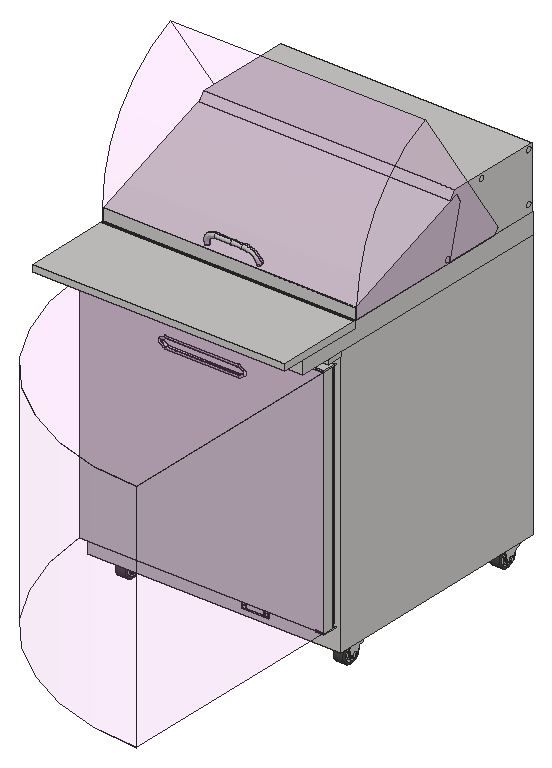
Revit family "QF_Kelvinator_738259_KCHMT29.12", category Specialty Equipment, Revit 2021
Family settings
  Round Connector Dimension = Use Diameter
  Part Type = Normal
  Work Plane-Based = No
  Always vertical = Yes
  Cut with Voids When Loaded = No
  Shared = No
  Room Calculation Point = No
Parameters
  Weight in Pounds = 163.142
  Weight = 74.00 lbm
  Watts = 0 W
  Volts = 115 V
  URL Manufacturer = "KELVINATOR"
  URL Cutsheet = ""
  URL = "KELVINATOR"
  Specification by User = ""
  Specification by Manufacturer = ""
  Show Right Door [instance] = not(Show Left Door)  # no
  Show Left Door [instance] = yes
  Show Clearance [instance] = yes
  Serial Number = ""
  Seismic Rating = ""
  SMACNA No = ""
  Revision Code = ""
  Refrigerant Type = "R290"
  Phase = 1
  Number of Poles = 1
  NAFEM Spec ID Number = ""
  Model = "KCHMT29.12"
  Min Ckt Ampacity = 0 A
  Max Overcurrent Protection = 0 A
  Masterspec = ""
  Manufacturer = "Kelvinator"
  Length Actual = 735"
  Length = 28.937"
  Item Number = "738259"
  Installed By = ""
  Identify Quantity as Lot = yes
  Height Actual = 1100"
  Height = 43.307"
  HP = "0.7 HP"
  Gas KW = 0
  Furnished By = ""
  Foodservice Equipment Identifier = yes
  FL Amps = 3 A
  Electrical Remarks = ""
  Electric Connection Type = ""
  Elec Conn RI Height = 0"
  Elec Conn Connection Height = 0"
  Description = "1-DOOR MEGA TOP PREP 29\" LONG 9-1/6, 3-1/9 PAN "
  Depth Actual = 900"
  Depth = 35.433"
  Default Elevation = 0"
  Cycle = 60 Hz
  Conn Plug = "5-15P"
  Conn Conduit = yes
  CSI MasterFormat = ""
  Apparent Power = 0 VA
  Accessory = no
Reference planes (in)
  plane 1 "BACK": y = 0
  plane 2: z = 0
  plane 3 "LEFT": x = 0
  plane 4 "RIGHT": x = 28.937
  plane 5 "FRONT": y = -35.433
  plane 6 "TOP": z = 43.307
  plane 7 "Center Y": x = 14.4685
  plane 8 "Center X": y = -17.7165
Dimensions and locks (in)
  equal spacing: plane 3 "LEFT", plane 7 "Center Y", plane 4 "RIGHT"
  "Length": plane 3 "LEFT" to plane 4 "RIGHT"
  equal spacing: plane 5 "FRONT", plane 8 "Center X", plane 1 "BACK"
  "Depth": plane 5 "FRONT" to plane 1 "BACK"
  "Height": plane 6 "TOP" to level
  aligned and locked: level to plane 2
Nested families (in)
  nested 1: "738259" at (0, 0, 0), Show Left Door <- "Show Left Door", Show Right Door <- "Show Right Door", type "738259"
    with Show Right Door no, Show Left Door yes, Show Clearance yes
Connectors (in)
  electrical at (14.46875, -0.87772, 2.31881), driven by "Volts", driven by "Watts"
    settings: on nested 1, index 1, voltage 115 V, apparent load 0 VA, apparent load phase1 0 VA, apparent load phase2 0 VA, apparent load phase3 0 VA, power factor 1, load classification "Power", number of poles 1, system type 30, power factor state 1, is connector primary yes, connector utility no, sub classification motor no, connector description "Electrical Connection"
Definition of nested family "738259"
  Parameters (values of type "738259")
    Weight in Pounds = 0
    URL Cutsheet = ""
    Specification by User = ""
    Specification by Manufacturer = ""
    Show Right Door [instance] = yes
    Show Left Door [instance] = yes
    Show Clearance [instance] = yes
    Serial Number = ""
    Seismic Rating = ""
    SMACNA No = ""
    Revision Code = ""
    NAFEM Spec ID Number = ""
    Masterspec = ""
    Length = 28.937"
    Item Number = ""
    Installed By = ""
    Identify Quantity as Lot = yes
    Height = 43.307"
    Furnished By = ""
    Foodservice Equipment Identifier = yes
    Depth = 35.433"
    Default Elevation = 0"
    CSI MasterFormat = ""
  Reference planes (in)
    plane 1 "BACK": y = 0
    plane 2: z = 0
    plane 3 "LEFT": x = 0
    plane 4 "RIGHT": x = 28.937
    plane 5 "FRONT": y = -35.433
    plane 6 "TOP": z = 43.307
    plane 7 "Center Y": x = 14.4685
    plane 8 "Center X": y = -17.7165
    plane 9: z = 3.1
    plane 10: z = 33.9
    plane 11: y = -25.5
    plane 12: z = 36.2
    plane 13: y = -56
    plane 14: y = -29.2
    plane 15: z = 32.4
    plane 16: z = 5.6
    plane 17: y = -27.5
    plane 18: x = 26.937
    plane 19: x = 2
    plane 20: y = -31.9
    plane 21: y = -57.1375
    plane 22: x = 29.062
    plane 23: x = -0.125
  Forms (in)
    Extrusion 1, solid
      sketch origin (0, 0, 0) x (0, 1, 0) y (0, 0, 1)
        loop
          line (-27.5, 33.9) -> (-27.5, 3.1) -> (0, 3.1) -> (0, 33.9) -> (-27.5, 33.9)
      from 0 to 28.9375
    Extrusion 2, solid
      sketch origin (0, 0, 0) x (0, 1, 0) y (0, 0, 1)
        loop
          line (-25.5, 36.2) -> (-25.5, 35.45) -> (-32.833, 35.45) -> (-32.833, 33.9) -> (0, 33.9) -> (0, 36.2) -> (-25.5, 36.2)
      from 0 to 28.9375
    Extrusion 3, solid
      sketch origin (0, 0, 0) x (0, 1, 0) y (0, 0, 1)
        loop
          line (-35.433, 36.2) -> (-35.433, 35.45) -> (-25.5, 35.45) -> (-25.5, 36.2) -> (-35.433, 36.2)
      from 0 to 28.9375
    Extrusion 4, solid
      sketch origin (0, 0, 0) x (0, 1, 0) y (0, 0, 1)
        loop
          line (-25.25, 36.2) -> (-12.40435, 36.2003)
          arc (-12.40435, 36.2003) -> (-12.06401, 36.30019) -> (-11.82007, 36.55768) r 0.68096
          line (-11.82007, 36.55768) -> (-10.4206, 41.90007) -> (-10.85311, 42.7135) -> (-25.25, 37.5169) -> (-25.25, 36.2)
      from 0 to 28.9375
    Extrusion 5, solid
      sketch origin (0, 0, 0) x (0, 1, 0) y (0, 0, 1)
        loop
          line (-12.40434, 36.2) -> (0, 36.2) -> (0, 43.307) -> (-10.99775, 43.307) -> (-11.6028, 42.4429) -> (-10.85311, 42.7135) -> (-10.4206, 41.90007) -> (-11.82007, 36.55768)
          arc (-11.82007, 36.55768) -> (-12.06401, 36.30019) -> (-12.40434, 36.2) r 0.68096
      from 0.07437 to 28.86109
    Extrusion 6, solid
      sketch origin (28.9375, 4.25225, 0) x (0, 1, 0) y (0, 0, 1)
        loop
          circle (-16.51178, 36.72547) r 0.25
      from 0 to 0.07437
    Extrusion 7, solid
      sketch origin (28.86109, -0.03482, 0) x (0, 1, 0) y (0, 0, 1)
        loop
          circle (-0.51178, 37.22547) r 0.25
      from 0 to 0.07437
    Extrusion 8, solid
      sketch origin (28.86109, -0.03482, 0) x (0, 1, 0) y (0, 0, 1)
        loop
          circle (-0.51178, 42.84497) r 0.25
      from 0 to 0.07641
    Extrusion 9, solid
      sketch origin (28.86109, -0.03482, 0) x (0, 1, 0) y (0, 0, 1)
        loop
          circle (-7.26178, 42.84497) r 0.25
      from 0 to 0.07641
    Extrusion 10, solid
      sketch origin (0, 0, 0) x (0, 1, 0) y (0, 0, -1)
        loop
          circle (-12.25953, -36.72547) r 0.25
      from 0 to 0.07437
    Extrusion 11, solid
      sketch origin (0.11123, -0.03482, 0) x (0, 1, 0) y (0, 0, -1)
        loop
          circle (-0.51178, -37.22547) r 0.25
      from 0 to 0.07437
    Extrusion 12, solid
      sketch origin (0.07437, -0.03482, 0) x (0, 1, 0) y (0, 0, -1)
        loop
          circle (-0.51178, -42.84497) r 0.25
      from 0 to 0.07437
    Extrusion 13, solid
      sketch origin (0.07437, -0.03482, 0) x (0, 1, 0) y (0, 0, -1)
        loop
          circle (-7.26178, -42.84497) r 0.25
      from 0 to 0.07437
    Sweep 14, solid
      path origin (0, 3.99087, 8.19085) x (1, 0, 0) y (0, -0.323051, 0.946381)
        loop
          line (12.156, 37.2) -> (12.156, 37.35625)
          arc (12.156, 37.35625) -> (12.37567, 37.88658) -> (12.906, 38.10625) r 0.75
          line (12.906, 38.10625) -> (14.781, 38.10625) -> (16.031, 38.10625)
          arc (16.031, 38.10625) -> (16.56133, 37.88658) -> (16.781, 37.35625) r 0.75
          line (16.781, 37.35625) -> (16.781, 37.2)
      profile origin (15.406, -8.3194, 44.2539) x (0, -0.323051, 0.946381) y (0, -0.946381, -0.323051)
        loop
          circle (0.69146, 17.59878) r 0.25
    Extrusion 15, solid
      sketch origin (0, 0, 0) x (0, 1, 0) y (0, 0, 1)
        loop
          line (-29.2, 33.9) -> (-29.2, 33.4) -> (-27.5, 33.4) -> (-27.5, 33.9) -> (-29.2, 33.9)
      from 0 to 28.9375
    Extrusion 16, solid
      sketch origin (14.4685, 6.90541, 48) x (0, 1, 0) y (0, 0, 1)
        loop
          line (-36.10541, -15.6) -> (-36.10541, -42.4) -> (-34.95211, -42.4) -> (-34.95211, -15.6) -> (-36.10541, -15.6)
      from 13.96875 to -13.96875
    Extrusion 17, solid
      sketch origin (0, 0, 0) x (0, 1, 0) y (0, 0, 1)
        loop
          line (-28.04671, 32.20449) -> (-28.04671, 5.81322) -> (-27.79671, 5.81322) -> (-27.79671, 32.20449) -> (-28.04671, 32.20449)
      from 0.74536 to 28.21347
    Extrusion 18, solid
      sketch origin (0, 0.25, 0) x (0, 1, 0) y (0, 0, 1)
        loop
          line (-28.04671, 32.20449) -> (-28.04671, 5.81322) -> (-27.864, 5.81322) -> (-27.864, 32.20449) -> (-28.04671, 32.20449)
      from 0.74536 to 28.21347
    Extrusion 19, solid
      sketch origin (0, 0.4327, 0) x (0, 1, 0) y (0, 0, 1)
        loop
          line (-28.04671, 32.20449) -> (-28.04671, 5.81322) -> (-27.9327, 5.81322) -> (-27.9327, 32.20449) -> (-28.04671, 32.20449)
      from 0.74536 to 28.21347
    Extrusion 20, solid
      sketch origin (-5.72957, -27.5, -4.77927) x (-1, 0, 0) y (0, 0, 1)
        loop
          line (-23.36233, 9.70772) -> (-26.51193, 9.70772) -> (-26.51193, 8.52662) -> (-23.36233, 8.52662) -> (-23.36233, 9.70772)
        loop
          line (-23.44107, 9.63107) -> (-23.83477, 9.63107) -> (-23.83477, 9.31193) -> (-23.44107, 9.31193) -> (-23.44107, 9.63107)
        loop
          line (-23.44107, 9.27674) -> (-23.83477, 9.27674) -> (-23.83477, 8.9576) -> (-23.44107, 8.9576) -> (-23.44107, 9.27674)
        loop
          line (-23.44107, 8.92241) -> (-23.83477, 8.92241) -> (-23.83477, 8.60327) -> (-23.44107, 8.60327) -> (-23.44107, 8.92241)
        loop
          line (-26.43319, 9.63107) -> (-26.43319, 9.31193) -> (-26.03949, 9.31193) -> (-26.03949, 9.63107) -> (-26.43319, 9.63107)
        loop
          line (-26.43319, 9.27674) -> (-26.43319, 8.9576) -> (-26.03949, 8.9576) -> (-26.03949, 9.27674) -> (-26.43319, 9.27674)
        loop
          line (-26.43319, 8.92241) -> (-26.43319, 8.60327) -> (-26.03949, 8.60327) -> (-26.03949, 8.92241) -> (-26.43319, 8.92241)
        loop
          line (-23.91225, 9.63107) -> (-25.96201, 9.63107) -> (-25.96201, 8.60716) -> (-23.91225, 8.60716) -> (-23.91225, 9.63107)
      from 0.07874 to -0.04602
    Extrusion 21, solid
      sketch origin (-5.72957, -27.54602, -4.77927) x (1, 0, 0) y (0, 0, 1)
        loop
          line (26.03949, 9.63107) -> (26.03949, 9.31193) -> (26.43319, 9.31193) -> (26.43319, 9.63107) -> (26.03949, 9.63107)
        loop
          line (26.03949, 9.27674) -> (26.03949, 8.9576) -> (26.43319, 8.9576) -> (26.43319, 9.27674) -> (26.03949, 9.27674)
        loop
          line (26.03949, 8.92241) -> (26.03949, 8.60327) -> (26.43319, 8.60327) -> (26.43319, 8.92241) -> (26.03949, 8.92241)
        loop
          line (23.83477, 9.63107) -> (23.44107, 9.63107) -> (23.44107, 9.31193) -> (23.83477, 9.31193) -> (23.83477, 9.63107)
        loop
          line (23.83477, 9.27674) -> (23.44107, 9.27674) -> (23.44107, 8.9576) -> (23.83477, 8.9576) -> (23.83477, 9.27674)
        loop
          line (23.83477, 8.92241) -> (23.44107, 8.92241) -> (23.44107, 8.60327) -> (23.83477, 8.60327) -> (23.83477, 8.92241)
      from 0 to -0.07874
    Extrusion 22, solid
      sketch origin (-5.72957, -27.54602, -4.77927) x (1, 0, 0) y (0, 0, 1)
        loop
          line (23.91225, 9.63107) -> (23.91225, 8.60716) -> (25.96201, 8.60716) -> (25.96201, 9.63107) -> (23.91225, 9.63107)
      from 0 to -0.07874
    Extrusion 23, void
      sketch origin (-5.72957, -27.5, -4.77927) x (-1, 0, 0) y (0, 0, 1)
        loop
          line (-23.36233, 9.70772) -> (-26.51193, 9.70772) -> (-26.51193, 8.52662) -> (-23.36233, 8.52662) -> (-23.36233, 9.70772)
      from 0 to 0.07874
    Extrusion 24, void
      sketch origin (-15.80943, -29.19996, 31.5181) x (0, 0, 1) y (1, 0, 0)
        loop
          line (-1.94791, 26.10268) -> (-1.94791, 34.45268) -> (-2.28604, 34.99368)
          arc (-2.28604, 34.99368) -> (-2.38541, 35.04876) -> (-2.48479, 34.99368) r 0.11719
          line (-2.48479, 34.99368) -> (-2.82291, 34.45268) -> (-2.82291, 26.10268) -> (-2.48621, 25.56396)
          arc (-2.48621, 25.56396) -> (-2.38541, 25.50809) -> (-2.28462, 25.56396) r 0.11887
          line (-2.28462, 25.56396) -> (-1.94791, 26.10268)
      from 0 to 0.31887
    Sweep 25, solid
      path origin (-15.80943, -26.39996, 31.5181) x (0, 0, -1) y (1, 0, 0)
        loop
          line (2.82291, 34.45268) -> (2.48479, 34.99368)
          arc (2.48479, 34.99368) -> (2.38541, 35.04876) -> (2.28604, 34.99368) r 0.11719
          line (2.28604, 34.99368) -> (1.94791, 34.45268) -> (1.94791, 26.10268) -> (2.28462, 25.56396)
          arc (2.28462, 25.56396) -> (2.38541, 25.50809) -> (2.48621, 25.56396) r 0.11887
          line (2.48621, 25.56396) -> (2.82291, 26.10268) -> (2.82291, 34.45268)
      profile origin (14.46825, -26.39996, 28.69519) x (0, 0, -1) y (0, -1, 0)
        loop
          line (0, 2.8) -> (0.25, 2.8)
          arc (0.25, 2.8) -> (0.125, 2.85269) -> (0, 2.8) r 0.17461
    Extrusion 26, solid
      sketch origin (0, -3.56521, 3.1) x (-1, 0, 0) y (0, 1, 0)
        loop
          circle (-14.46875, 2.68749) r 0.25
      from 0 to 0.78119
    Extrusion 27, solid, visible <- "Show Clearance"
      sketch origin (0, 0, 0) x (0, 1, 0) y (0, 0, 1)
        loop
          line (-5.67198, 36.2) -> (-4.99821, 36.8283) -> (-15.50044, 52.48123)
          arc (-15.50044, 52.48123) -> (-22.59758, 46.44697) -> (-25.25, 37.5169) r 16.35895
          line (-25.25, 37.5169) -> (-25.25, 36.2) -> (-5.67198, 36.2)
      from -0.125 to 29.062
    Extrusion 28, solid, visible <- "Show Left Door"
      sketch origin (14.46875, -27.55033, 5.6) x (-1, 0, 0) y (0, 1, 0)
        loop
          arc (-13.96825, -28.45363) -> (5.39616, -20.67565) -> (13.96875, -1.64967) r 27.937
          line (13.96875, -1.64967) -> (-13.96825, -1.64967) -> (-13.96825, -28.45363)
      from 0 to -26.8
    Extrusion 29, solid, visible <- "Show Right Door"
      sketch origin (14.46875, -27.55033, 5.6) x (-1, 0, 0) y (0, 1, 0)
        loop
          line (13.96875, -28.45363) -> (13.96875, -1.64967) -> (-13.96825, -1.64967)
          arc (-13.96825, -1.64967) -> (-5.39566, -20.67565) -> (13.96875, -28.45363) r 27.937
      from 0 to -26.8
    Extrusion 30, solid, visible <- "Show Left Door"
      sketch origin (14.46875, -28.28783, 5.6) x (-1, 0, 0) y (0, 1, 0)
        loop
          line (-13.96825, -0.91217) -> (-12.96825, -0.91217) -> (-12.21825, 0.78783) -> (-13.96825, 0.78783) -> (-13.96825, -0.91217)
      from 0 to 0.13
    Extrusion 31, solid, visible <- "Show Left Door"
      sketch origin (14.46875, -29.2, 32.4) x (0, 1, 0) y (-1, 0, 0)
        loop
          line (0, -13.96825) -> (1.7, -13.96825) -> (1.7, -12.21825) -> (0, -12.96825) -> (0, -13.96825)
      from 0 to 0.13
    Extrusion 32, solid, visible <- "Show Right Door"
      sketch origin (14.46875, -28.28783, 5.6) x (-1, 0, 0) y (0, 1, 0)
        loop
          line (13.96875, -0.91217) -> (13.96875, 0.78783) -> (12.21875, 0.78783) -> (12.96875, -0.91217) -> (13.96875, -0.91217)
      from 0 to 0.13
    Extrusion 33, solid, visible <- "Show Right Door"
      sketch origin (14.46875, -29.2, 32.4) x (0, 1, 0) y (-1, 0, 0)
        loop
          line (0, 13.96875) -> (0, 12.96875) -> (1.7, 12.21875) -> (1.7, 13.96875) -> (0, 13.96875)
      from 0 to 0.13
  Cuts and joins
    Extrusion 23 cuts Extrusion 20
    Extrusion 24 cuts Extrusion 16
  Lines and regions (in)
    symbolic lines
      curve 1: line (28.937, -35.433, 0) -> (28.937, 0, 0)
      curve 2: line (28.937, 0, 0) -> (0, 0, 0)
      curve 3: line (0, 0, 0) -> (0, -35.433, 0)
      curve 4: line (0, -25.5, 0) -> (11.94915, -25.5, 0)
      curve 5: line (0, -35.433, 0) -> (28.937, -35.433, 0)
      curve 6: line (0, -25.25, 0) -> (11.6887, -25.25, 0)
      curve 7: line (0.07437, -11.58944, 0) -> (28.86059, -11.58944, 0)
      curve 8: line (0.07437, -10.99775, 0) -> (28.86059, -10.99775, 0)
      curve 9: line (28.86059, -11.58944, 0) -> (28.86059, 0, 0)
      curve 10: line (0.07437, -11.58944, 0) -> (0.07437, 0, 0)
      curve 11: line (-0.07437, -12.50953, 0) -> (-0.07437, -12.00953, 0)
      curve 12: line (-0.07437, -12.00953, 0) -> (0, -12.00953, 0)
      curve 13: line (-0.07437, -12.50953, 0) -> (0, -12.50953, 0)
      curve 14: line (0, -10.4206, 0) -> (0.07437, -10.4206, 0)
      curve 15: line (0, -10.85311, 0) -> (0.07437, -10.85311, 0)
      curve 16: line (0, -8.01304, 0) -> (0.07437, -8.01304, 0)
      curve 17: line (0, -7.5129, 0) -> (0.07437, -7.5129, 0)
      curve 18: line (0, -0.29529, 0) -> (0.07437, -0.29529, 0)
      curve 19: line (0, -0.79529, 0) -> (0.07437, -0.79529, 0)
      curve 20: line (29.01137, -12.50953, 0) -> (29.01137, -12.00953, 0)
      curve 21: line (29.01137, -12.00953, 0) -> (28.937, -12.00953, 0)
      curve 22: line (29.01137, -12.50953, 0) -> (28.937, -12.50953, 0)
      curve 23: line (28.937, -10.4206, 0) -> (28.86059, -10.4206, 0)
      curve 24: line (28.937, -10.85311, 0) -> (28.86059, -10.85311, 0)
      curve 25: line (28.937, -7.97828, 0) -> (28.86059, -7.97828, 0)
      curve 26: line (28.937, -7.47828, 0) -> (28.86059, -7.47828, 0)
      curve 27: line (28.937, -0.76178, 0) -> (28.86059, -0.76178, 0)
      curve 28: line (28.937, -0.26178, 0) -> (28.86059, -0.26178, 0)
      curve 29: spline (11.21454, -24.65351, 0) -> (11.22306, -24.59638, 0) -> (11.24803, -24.54314, 0) -> (11.28776, -24.49742, 0) -> (11.33954, -24.46234, 0) -> (11.39984, -24.44029, 0) -> (11.46454, -24.43277, 0) -> (11.52925, -24.44029, 0) -> (11.58954, -24.46234, 0) -> (11.64132, -24.49742, 0) -> (11.68105, -24.54314, 0) -> (11.70602, -24.59638, 0) -> (11.71454, -24.65351, 0)
      curve 30: spline (17.22246, -24.65351, 0) -> (17.23098, -24.59638, 0) -> (17.25595, -24.54314, 0) -> (17.29568, -24.49742, 0) -> (17.34746, -24.46234, 0) -> (17.40775, -24.44029, 0) -> (17.47246, -24.43277, 0) -> (17.53716, -24.44029, 0) -> (17.59746, -24.46234, 0) -> (17.64924, -24.49742, 0) -> (17.68897, -24.54314, 0) -> (17.71394, -24.59638, 0) -> (17.72246, -24.65351, 0)
      curve 31: line (14.4685, -24.94775, 0) -> (16.20646, -24.94775, 0)
      curve 32: line (14.4685, -25.44761, 0) -> (16.19122, -25.44761, 0)
      curve 33: line (17.72246, -24.65351, 0) -> (17.72246, -24.76273, 0)
      curve 34: line (17.22246, -24.65351, 0) -> (17.22246, -24.70254, 0)
      curve 35: line (14.4685, -24.94775, 0) -> (12.83564, -24.94775, 0)
      curve 36: line (14.4685, -25.44761, 0) -> (12.74578, -25.44761, 0)
      curve 37: line (11.21454, -24.65351, 0) -> (11.21454, -24.76273, 0)
      curve 38: line (11.71454, -24.65351, 0) -> (11.71454, -24.70254, 0)
      curve 39: line (17.2483, -25.25, 0) -> (28.937, -25.25, 0)
      curve 40: line (11.94915, -25.5, 0) -> (28.937, -25.5, 0)
      curve 41: arc (17.22246, -24.70254, 0) -> (16.72905, -24.88558, 0) -> (16.20646, -24.94775, 0) r 2.22739
      curve 42: arc (11.71454, -24.70254, 0) -> (12.24241, -24.89361, 0) -> (12.80129, -24.94663, 0) r 2.22739
      curve 43: arc (12.83564, -24.94775, 0) -> (12.81847, -24.94693, 0) -> (12.80129, -24.94663, 0) r 0.57427
      curve 44: arc (17.72246, -24.76273, 0) -> (17.63163, -24.99217, 0) -> (17.44709, -25.156, 0) r 0.53229
      curve 45: arc (17.44709, -25.156, 0) -> (17.12632, -25.29612, 0) -> (16.78727, -25.38319, 0) r 2.1837
      curve 46: arc (16.78727, -25.38319, 0) -> (16.49027, -25.42486, 0) -> (16.19122, -25.44761, 0) r 4.72583
      curve 47: arc (11.21454, -24.76273, 0) -> (11.30537, -24.99217, 0) -> (11.48991, -25.156, 0) r 0.53229
      curve 48: arc (11.48991, -25.156, 0) -> (11.81068, -25.29612, 0) -> (12.14973, -25.38319, 0) r 2.1837
      curve 49: arc (12.14973, -25.38319, 0) -> (12.44673, -25.42486, 0) -> (12.74578, -25.44761, 0) r 4.72583
    symbolic lines, visible <- "Show Left Door"
      curve 50: arc (5.07692, -44.35773, 0) -> (2.61122, -40.07632, 0) -> (0.9231, -35.433, 0) r 28.46065
      curve 51: line (22.607, -35.433, 0) -> (5.07692, -44.35773, 0)
    symbolic lines, visible <- "Show Right Door"
      curve 52: arc (23.86008, -44.35773, 0) -> (26.32578, -40.07632, 0) -> (28.0139, -35.433, 0) r 28.46065
      curve 53: line (6.33, -35.433, 0) -> (23.86008, -44.35773, 0)
  Dimensions and locks (in)
    equal spacing: plane 3 "LEFT", plane 7 "Center Y", plane 4 "RIGHT"
    "Length": plane 3 "LEFT" to plane 4 "RIGHT"
    equal spacing: plane 5 "FRONT", plane 8 "Center X", plane 1 "BACK"
    "Depth": plane 5 "FRONT" to plane 1 "BACK"
    "Height": plane 6 "TOP" to level
    level to plane 9 = 3.1"
    plane 10 to plane 9 = 30.8"
    plane 6 "TOP" to plane 10 = 9.407"
    plane 5 "FRONT" to plane 1 "BACK" = 35.433"
    plane 11 to plane 1 "BACK" = 25 1/2"
    plane 10 to plane 12 = 2.3"
    plane 13 to plane 1 "BACK" = 56"
    plane 16 to plane 15 = 26.8"
    locked: plane 4 "RIGHT" to plane 18 at 2
    locked: plane 3 "LEFT" to plane 19 at 2
    plane 20 to plane 1 "BACK" = 31.9"
    aligned and locked: level to plane 2
    aligned and locked: plane 18 to nested 1
    aligned and locked: nested 2 to plane 19
  Automatic sketch dimensions
    plane 9 to Extrusion 1 sketch curve = 0"
    Extrusion 1 sketch curve to plane 17 = 0"
    Extrusion 1 sketch curve to plane 1 "BACK" = 0"
    Extrusion 1 sketch curve to plane 10 = 0"
    Extrusion 2 sketch curve to plane 5 "FRONT" = 2.6"
    Extrusion 2 sketch curve to plane 11 = 0"
    Extrusion 2 sketch curve to plane 1 "BACK" = 0"
    Extrusion 2 sketch curve to plane 10 = 0"
    plane 12 to Extrusion 2 sketch curve = 0"
    plane 12 to Extrusion 2 sketch curve = 3/4"
    Extrusion 3 sketch curve to plane 5 "FRONT" = 0"
    Extrusion 3 sketch curve to plane 11 = 0"
    plane 12 to Extrusion 3 sketch curve = 0"
    plane 12 to Extrusion 3 sketch curve = 3/4"
    Extrusion 6 sketch curve to Extrusion 4 = 0.52547"
    Extrusion 6 sketch curve to Extrusion 4 = 12.99047"
    Extrusion 7 sketch curve to Extrusion 5 = 0.5466"
    Extrusion 7 sketch curve to Extrusion 5 = 1.02547"
    Extrusion 8 sketch curve to Extrusion 5 = 0.5466"
    Extrusion 8 sketch curve to Extrusion 5 = 0.46203"
    Extrusion 9 sketch curve to Extrusion 5 = 0.46203"
    Extrusion 9 sketch curve to Extrusion 5 = 7.2966"
    Extrusion 10 sketch curve to plane 12 = 0.52547"
    plane 8 "Center X" to Extrusion 10 sketch curve = 5.45697"
    plane 1 "BACK" to Extrusion 11 sketch curve = 0.5466"
    Extrusion 11 sketch curve to plane 12 = 1.02547"
    plane 1 "BACK" to Extrusion 12 sketch curve = 0.5466"
    Extrusion 12 sketch curve to plane 6 "TOP" = 0.46203"
    Extrusion 13 sketch curve to plane 6 "TOP" = 0.46203"
    plane 1 "BACK" to Extrusion 13 sketch curve = 7.2966"
    Extrusion 15 sketch curve to plane 10 = 0"
    Extrusion 15 sketch curve to plane 14 = 0"
    Extrusion 15 sketch curve to plane 17 = 0"
    Extrusion 15 sketch curve to Extrusion 15 sketch curve = 1/2"
    Extrusion 16 sketch curve to plane 14 = 0"
    plane 16 to Extrusion 16 sketch curve = 0"
    plane 15 to Extrusion 16 sketch curve = 0"
    Extrusion 16 sketch curve to plane 17 = 0.54671"
    Extrusion 17 sketch curve to plane 16 = 0.21322"
    Extrusion 17 sketch curve to plane 17 = 0.54671"
    Extrusion 17 sketch curve to Extrusion 17 sketch curve = 1/4"
    plane 15 to Extrusion 17 sketch curve = 0.19551"
    Extrusion 18 sketch curve to plane 17 = 0.29671"
    Extrusion 18 sketch curve to plane 17 = 0.114"
    Extrusion 18 sketch curve to plane 16 = 0.21322"
    plane 15 to Extrusion 18 sketch curve = 0.19551"
    Extrusion 19 sketch curve to plane 17 = 0.114"
    plane 17 to Extrusion 19 sketch curve = 0"
    Extrusion 19 sketch curve to plane 16 = 0.21322"
    plane 15 to Extrusion 19 sketch curve = 0.19551"
    plane 16 to Extrusion 20 sketch curve = 0.67154"
    plane 4 "RIGHT" to Extrusion 20 sketch curve = 8.15464"
    Extrusion 20 sketch curve to Extrusion 20 sketch curve = 0.07874"  (x3)
    Extrusion 20 sketch curve to Extrusion 20 sketch curve = 0"  (x8)
    Extrusion 20 sketch curve to Extrusion 20 sketch curve = 0.3937"  (x2)
    Extrusion 20 sketch curve to Extrusion 20 sketch curve = 0.07748"  (x3)
    Extrusion 20 sketch curve to Extrusion 20 sketch curve = 2.04976"
    Extrusion 20 sketch curve to Extrusion 20 sketch curve = 0.07665"  (x2)
    Extrusion 20 sketch curve to Extrusion 20 sketch curve = 0.31914"  (x6)
    Extrusion 20 sketch curve to Extrusion 20 sketch curve = 0.03519"  (x4)
    Extrusion 20 sketch curve to Extrusion 20 sketch curve = 0.31525"
    Extrusion 20 to Extrusion 21 sketch curve = 0"  (x10)
    Extrusion 21 sketch curve to Extrusion 20 = 0"  (x14)
    Extrusion 22 sketch curve to Extrusion 20 = 0"  (x3)
    Extrusion 20 to Extrusion 22 sketch curve = 0"
    plane 16 to Extrusion 23 sketch curve = 0.67154"
    plane 4 "RIGHT" to Extrusion 23 sketch curve = 8.15464"
    Extrusion 23 sketch curve to Extrusion 23 sketch curve = 3.14961"
    Extrusion 23 sketch curve to Extrusion 23 sketch curve = 1.1811"
    plane 15 to Extrusion 24 sketch curve = 3.70481"
    Extrusion 24 sketch curve to Extrusion 24 sketch curve = 0.3367"
    Extrusion 24 sketch curve to Extrusion 24 sketch curve = 0.33813"  (x2)
    Extrusion 24 sketch curve to Extrusion 24 sketch curve = 0.09937"  (x2)
    Extrusion 24 sketch curve to Extrusion 24 sketch curve = 0.1008"  (x2)
    plane 4 "RIGHT" to Extrusion 24 sketch curve = 19.18247"
    Extrusion 24 sketch curve to Extrusion 24 sketch curve = 0.063"
    Extrusion 24 sketch curve to Extrusion 24 sketch curve = 0.53872"  (x2)
    Extrusion 24 sketch curve to Extrusion 24 sketch curve = 8.35"
    Extrusion 24 sketch curve to Extrusion 24 sketch curve = 0"
    Extrusion 24 sketch curve to Extrusion 24 sketch curve = 0.47889"
    Extrusion 24 sketch curve to Extrusion 24 sketch curve = 0.06211"
    plane 15 to Sweep 25 sketch curve = 2.82981"
    Sweep 25 sketch curve to Sweep 25 sketch curve = 0.3367"
    Sweep 25 sketch curve to Sweep 25 sketch curve = 0.33813"  (x2)
    Sweep 25 sketch curve to Sweep 25 sketch curve = 0.09937"  (x2)
    Sweep 25 sketch curve to Sweep 25 sketch curve = 0.1008"  (x2)
    plane 4 "RIGHT" to Sweep 25 sketch curve = 19.18247"
    Sweep 25 sketch curve to Sweep 25 sketch curve = 0.063"
    Sweep 25 sketch curve to Sweep 25 sketch curve = 0.53872"  (x2)
    Sweep 25 sketch curve to Sweep 25 sketch curve = 8.35"
    Sweep 25 sketch curve to Sweep 25 sketch curve = 0"
    Sweep 25 sketch curve to Sweep 25 sketch curve = 0.47889"
    Sweep 25 sketch curve to Sweep 25 sketch curve = 0.06211"
    Sweep 25 sketch curve to profile plane = 0"
    Sweep 25 sketch curve to profile plane = 1/8"
    profile plane to Sweep 25 sketch curve = 2.67809"
    Sweep 25 sketch curve to Sweep 25 sketch curve = 0.12191"
    Extrusion 1 to Extrusion 26 sketch curve = 0.87772"
    Extrusion 26 sketch curve to Extrusion 1 = 14 15/32"
    plane 12 to Extrusion 4 sketch curve = 0"
    Extrusion 4 sketch curve to plane 11 = 1/4"
    Extrusion 4 sketch curve to plane 12 = 0.6811"
    plane 8 "Center X" to Extrusion 4 sketch curve = 5.29717"
    Extrusion 4 sketch curve to plane 12 = 0.35768"
    Extrusion 4 sketch curve to Extrusion 4 sketch curve = 0.59925"
    Extrusion 4 sketch curve to plane 6 "TOP" = 1.40693"
    Extrusion 4 sketch curve to Extrusion 4 sketch curve = 1.99872"
    Extrusion 4 sketch curve to plane 12 = 1.3169"
    Extrusion 4 sketch curve to plane 12 = 0.0003"
    Extrusion 4 sketch curve to Extrusion 4 sketch curve = 0"
    Extrusion 4 sketch curve to plane 6 "TOP" = 0.5935"
    Extrusion 4 sketch curve to Extrusion 4 sketch curve = 0.43251"
    plane 12 to Extrusion 5 sketch curve = 0"
    Extrusion 5 sketch curve to plane 6 "TOP" = 0"
    Extrusion 5 sketch curve to plane 1 "BACK" = 0"
    Extrusion 5 sketch curve to plane 6 "TOP" = 1.40693"
    plane 8 "Center X" to Extrusion 5 sketch curve = 7.2959"
    Extrusion 5 sketch curve to plane 12 = 0.35768"
    Extrusion 5 sketch curve to Extrusion 5 sketch curve = 1.39947"
    Extrusion 5 sketch curve to Extrusion 5 sketch curve = 0.59925"
    Extrusion 5 sketch curve to Extrusion 5 sketch curve = 0.32342"
    Extrusion 5 sketch curve to Extrusion 5 sketch curve = 0.01499"
    Extrusion 5 sketch curve to plane 12 = 0.0003"
    Sweep 14 sketch curve to plane 7 "Center Y" = 2 5/16"
    Sweep 14 sketch curve to Sweep 14 sketch curve = 3/4"  (x2)
    plane 7 "Center Y" to Sweep 14 sketch curve = 5/16"
    Sweep 14 sketch curve to Sweep 14 sketch curve = 1 1/4"
    Sweep 14 sketch curve to Sweep 14 sketch curve = 5/32"  (x2)
    Sweep 14 sketch curve to profile plane = 0.69146"
    profile plane to Sweep 14 sketch curve = 17.59878"
    plane 1 "BACK" to curve 3 = 0"
    curve 3 to plane 3 "LEFT" = 0"
    plane 11 to curve 4 = 0"
    curve 31 to plane 7 "Center Y" = 0"
    curve 32 to plane 7 "Center Y" = 0"
    curve 25 to plane 4 "RIGHT" = 0"
    curve 11 to plane 3 "LEFT" = 0.07437"
    plane 3 "LEFT" to curve 10 = 0.07437"
    curve 37 to plane 7 "Center Y" = 3.25396"
    curve 29 to curve 38 = 1/2"
    curve 38 to curve 47 = 0.02686"
    curve 42 to curve 4 = 0.23461"
    curve 29 to curve 48 = 0.80709"
    curve 48 to curve 42 = 0.20891"
    curve 36 to plane 11 = 0.05239"
    curve 4 to curve 36 = 0.79662"
    plane 11 to curve 43 = 0.0209"
    curve 49 to curve 43 = 0.05391"
    curve 49 to curve 35 = 23/256"
    curve 49 to plane 7 "Center Y" = 1.51393"
    plane 7 "Center Y" to curve 46 = 1.51393"
    plane 7 "Center Y" to curve 32 = 1.72272"
    curve 46 to curve 31 = 0.01524"
    curve 41 to curve 45 = 0.20891"
    curve 31 to curve 44 = 0.98914"
    curve 44 to curve 34 = 0.02686"
    curve 34 to curve 33 = 1/2"
    plane 4 "RIGHT" to curve 7 = 0.07641"
    curve 21 to plane 4 "RIGHT" = 0.07437"
    curve 32 to curve 35 = 0.49986"
    curve 37 to plane 11 = 0.73727"
    curve 33 to plane 11 = 0.73727"
    curve 47 to curve 38 = 0.06019"
    curve 44 to curve 34 = 0.06019"
    curve 41 to curve 44 = 0.01568"
    curve 38 to curve 47 = 0.01568"
    curve 37 to curve 37 = 0.10922"
    curve 33 to curve 33 = 0.10922"
    curve 45 to curve 41 = 0.51103"
    curve 29 to curve 48 = 1.42211"
    curve 48 to curve 42 = 0.51103"
    curve 42 to curve 49 = 1.99397"
    curve 41 to curve 46 = 1.99397"
    plane 8 "Center X" to curve 13 = 5.20697"
    plane 8 "Center X" to curve 20 = 5.20697"
    curve 20 to curve 21 = 1/2"
    curve 11 to curve 11 = 1/2"
    curve 12 to curve 7 = 0.4201"
    curve 48 to curve 47 = 0"
    curve 48 to curve 6 = 0.19879"
    curve 45 to curve 46 = 0"
    curve 39 to curve 45 = 0.19879"
    curve 7 to curve 8 = 0.59169"
    curve 8 to curve 15 = 0.14464"
    curve 8 to curve 24 = 0.14464"
    curve 24 to curve 23 = 0.43251"
    curve 15 to curve 14 = 0.43251"
    curve 14 to curve 16 = 2.40757"
    curve 23 to curve 25 = 2.44232"
    curve 16 to curve 17 = 0.50013"
    curve 25 to curve 26 = 1/2"
    plane 1 "BACK" to curve 19 = 0.79529"
    plane 1 "BACK" to curve 27 = 0.76178"
    plane 1 "BACK" to curve 18 = 0.29529"
    plane 1 "BACK" to curve 28 = 0.26178"
    Extrusion 27 sketch curve to plane 16 = 30.6"
    plane 1 "BACK" to Extrusion 27 sketch curve = 25 1/4"
    Extrusion 27 sketch curve to plane 15 = 20.08123"
    Extrusion 27 sketch curve to Extrusion 27 sketch curve = 9.74956"
    Extrusion 27 sketch curve to plane 16 = 31.9169"
    Extrusion 27 sketch curve to Extrusion 27 sketch curve = 3.21907"
    Extrusion 27 sketch curve to plane 16 = 31.2283"
    Extrusion 27 sketch curve to Extrusion 27 sketch curve = 0.67377"
    plane 3 "LEFT" to curve 52 = 0.52298"
    curve 51 to plane 19 = 3.07692"
    curve 53 to plane 18 = 3.07692"
    plane 4 "RIGHT" to curve 50 = 0.52298"
    plane 5 "FRONT" to curve 51 = 8.92473"
    plane 5 "FRONT" to curve 53 = 8.92473"
    curve 50 to plane 17 = 0.56697"
    curve 52 to plane 17 = 0.56697"
    plane 3 "LEFT" to curve 53 = 6.33"
    curve 50 to curve 53 = 5.40689"
    plane 4 "RIGHT" to curve 52 = 0.9231"
    curve 51 to curve 52 = 5.40689"
    curve 53 to curve 50 = 0"
    curve 52 to curve 51 = 0"
    Extrusion 28 sketch curve to plane 14 = 0"
    plane 4 "RIGHT" to Extrusion 28 sketch curve = 1/2"
    plane 4 "RIGHT" to Extrusion 28 sketch curve = 0.52298"
    plane 3 "LEFT" to Extrusion 28 sketch curve = 1/2"
    Extrusion 28 sketch curve to plane 17 = 0.56697"
    Extrusion 29 sketch curve to plane 14 = 0"
    plane 4 "RIGHT" to Extrusion 29 sketch curve = 1/2"
    plane 3 "LEFT" to Extrusion 29 sketch curve = 0.52298"
    plane 3 "LEFT" to Extrusion 29 sketch curve = 1/2"
    Extrusion 29 sketch curve to plane 17 = 0.56697"
    plane 5 "FRONT" to curve 1 = 0"
    Extrusion 30 sketch curve to plane 17 = 0"
    Extrusion 30 sketch curve to plane 14 = 0"
    plane 4 "RIGHT" to Extrusion 30 sketch curve = 1/2"
    plane 18 to Extrusion 30 sketch curve = 1/2"
    Extrusion 30 sketch curve to plane 18 = 1/4"
    Extrusion 31 sketch curve to plane 14 = 0"
    Extrusion 31 sketch curve to plane 17 = 0"
    plane 4 "RIGHT" to Extrusion 31 sketch curve = 1/2"
    plane 18 to Extrusion 31 sketch curve = 1/2"
    Extrusion 31 sketch curve to plane 18 = 1/4"
    Extrusion 32 sketch curve to plane 17 = 0"
    Extrusion 32 sketch curve to plane 14 = 0"
    Extrusion 32 sketch curve to plane 19 = 1/4"
    plane 19 to Extrusion 32 sketch curve = 1/2"
    plane 3 "LEFT" to Extrusion 32 sketch curve = 1/2"
    Extrusion 33 sketch curve to plane 14 = 0"
    Extrusion 33 sketch curve to plane 17 = 0"
    Extrusion 33 sketch curve to plane 19 = 1/4"
    plane 19 to Extrusion 33 sketch curve = 1/2"
    plane 3 "LEFT" to Extrusion 33 sketch curve = 1/2"
    Extrusion 5 sketch curve to Extrusion 5 sketch curve = 0.57715"
    Extrusion 5 sketch curve to plane 6 "TOP" = 0.8641"
    Extrusion 5 sketch curve to Extrusion 5 sketch curve = 0.60505"
    Extrusion 5 sketch curve to plane 6 "TOP" = 0.5935"
    Extrusion 5 sketch curve to Extrusion 5 sketch curve = 0.14464"
    radius of Extrusion 6 sketch curve = 1/4"
    radius of Extrusion 7 sketch curve = 1/4"
    radius of Extrusion 8 sketch curve = 1/4"
    radius of Extrusion 9 sketch curve = 1/4"
    radius of Extrusion 10 sketch curve = 1/4"
    radius of Extrusion 11 sketch curve = 1/4"
    radius of Extrusion 12 sketch curve = 1/4"
    radius of Extrusion 13 sketch curve = 1/4"
    radius of Extrusion 26 sketch curve = 1/4"
    radius of Sweep 14 sketch curve = 1/4"
  Nested families (in)
    nested 1: "3 INCHES 01_CASTER" at (26.937, -24.75, 0), type "3 INCHES 01_CASTER"
      with Type Mark "", Specification by User "", Revision Code "", Item Number "", Installed By "", Identify Quantity as Lot yes, Furnished By "", Foodservice Equipment Identifier yes, 3 Inches Caster yes
    nested 2: "3 INCHES 01_CASTER" at (2, -24.75, 0), type "3 INCHES 01_CASTER"
      with Type Mark "", Specification by User "", Revision Code "", Item Number "", Installed By "", Identify Quantity as Lot yes, Furnished By "", Foodservice Equipment Identifier yes, 3 Inches Caster yes
    nested 3: "3 INCHES 01_CASTER" at (26.9375, -2.375, 0), type "3 INCHES 01_CASTER"
      with Type Mark "", Specification by User "", Revision Code "", Item Number "", Installed By "", Identify Quantity as Lot yes, Furnished By "", Foodservice Equipment Identifier yes, 3 Inches Caster yes
    nested 4: "3 INCHES 01_CASTER" at (2, -2.375, 0), type "3 INCHES 01_CASTER"
      with Type Mark "", Specification by User "", Revision Code "", Item Number "", Installed By "", Identify Quantity as Lot yes, Furnished By "", Foodservice Equipment Identifier yes, 3 Inches Caster yes
  Definition of nested family "3 INCHES 01_CASTER"
    Parameters (values of type "3 INCHES 01_CASTER")
      Weight = ""
      URL Manufacturer = ""
      URL Cutsheet = ""
      URL = ""
      Type Mark [instance] = ""
      Specification by User [instance] = ""
      Specification by Manufacturer = ""
      Serial Number = ""
      Seismic Rating = ""
      SMACNA No = ""
      Revision Code [instance] = ""
      Omniclass Number and Title = ""
      NAFEM Spec ID Number = ""
      Model = ""
      MasterSpec. = ""
      Manufacturer = ""
      Item Number [instance] = ""
      Installed By [instance] = ""
      Identify Quantity as Lot [instance] = yes
      Furnished By [instance] = ""
      Foodservice Equipment Identifier [instance] = yes
      Description = ""
      Default Elevation = 0"
      CSI MasterFormat = ""
      CSI Master Format = ""
      Assembly Code = ""
      3 Inches Caster [instance] = yes
    Reference planes (in)
      plane 1: z = 0
      plane 2 "RIGHT": x = 0
      plane 3 "FRONT": y = 0
      plane 4 "TOP": z = 3.1
    Forms (in)
      Revolve 1, solid, visible <- "3 Inches Caster"
        sketch origin (-1.93794, 0.56004, -1.0041) x (1, 0, 0) y (0, 0, 1)
          loop
            line (0.74055, 2.11347) -> (0.74055, 2.03797) -> (0.79055, 1.98797) -> (0.85055, 1.98797) -> (0.85055, 1.8679) -> (1.235, 1.8679) -> (1.235, 1.7068) -> (1.36441, 1.63209) -> (1.4003, 1.41035) -> (1.34375, 1.41035) -> (1.34375, 1.28535) -> (1.375, 1.28535) -> (1.375, 1.0041) -> (2.48438, 1.0041) -> (2.48438, 1.28535) -> (2.51563, 1.28535) -> (2.51563, 1.41035) -> (2.45908, 1.41035) -> (2.49553, 1.6356) -> (2.62438, 1.70999) -> (2.62438, 1.8679) -> (3.04007, 1.8679) -> (3.04007, 1.98797) -> (3.10007, 1.98797) -> (3.15007, 2.03797) -> (3.15007, 2.11347) -> (0.74055, 2.11347)
          axis (0.74055, 2.11347) -> (3.15007, 2.11347)
        angle from 0 to 360
      Extrusion 2, solid, visible <- "3 Inches Caster"
        sketch origin (-1.93794, 1.35294, -3.2541) x (0, 1, 0) y (0, 0, 1)
          loop
            line (-0.41094, 5.86793) -> (-0.41094, 6.01276) -> (-2.29494, 6.01276) -> (-2.29494, 5.71244) -> (-1.82301, 5.71244)
            arc (-1.82301, 5.71244) -> (-1.00307, 5.59865) -> (-0.19592, 5.41488) r 9.6332
            arc (-0.19592, 5.41488) -> (0.12646, 5.29481) -> (0.42224, 5.11916) r 1.92059
            line (0.42224, 5.11916) -> (0.51314, 5.245)
            arc (0.51314, 5.245) -> (0.27353, 5.42569) -> (0.01201, 5.5729) r 2.25036
            line (0.01201, 5.5729) -> (0.09371, 5.71426)
            arc (0.09371, 5.71426) -> (-0.15272, 5.81043) -> (-0.41094, 5.86793) r 1.73151
        from 1.17357 to 2.70231
      Revolve 3, solid, visible <- "3 Inches Caster"
        sketch origin (0, 1.73858, -3.25) x (0, 1, 0) y (0, 0, 1)
          loop
            line (-1.73858, 6.35) -> (-1.73858, 6.00866) -> (-0.93293, 6.00866) -> (-0.93293, 6.35) -> (-1.73858, 6.35)
          axis (-1.73858, 6.00866) -> (-1.73858, 6.35)
        angle from 0 to 360
      Extrusion 4, solid, visible <- "3 Inches Caster"
        sketch origin (-1.98481, 1.35294, -1.7541) x (0, 1, 0) y (0, 0, 1)
          loop
            line (-2.29494, 4.51276) -> (-2.29494, 4.21244) -> (-2.2074, 4.21244)
            arc (-2.2074, 4.21244) -> (-1.58796, 3.87196) -> (-1.3103, 3.22193) r 1.0835
            arc (-1.3103, 3.22193) -> (-1.27304, 2.98711) -> (-1.19616, 2.76214) r 1.38462
            arc (-1.19616, 2.76214) -> (-0.77704, 2.49744) -> (-0.37393, 2.78593) r 0.44401
            arc (-0.37393, 2.78593) -> (-0.35491, 2.84407) -> (-0.34077, 2.90358) r 0.74034
            arc (-0.34077, 2.90358) -> (-0.07302, 3.38916) -> (0.4279, 3.62699) r 0.90376
            line (0.4279, 3.62699) -> (0.51314, 3.745)
            arc (0.51314, 3.745) -> (0.27353, 3.92569) -> (0.01201, 4.0729) r 2.25036
            line (0.01201, 4.0729) -> (0.09371, 4.21426)
            arc (0.09371, 4.21426) -> (-0.15272, 4.31043) -> (-0.41094, 4.36793) r 1.73151
            line (-0.41094, 4.36793) -> (-0.41094, 4.51276) -> (-2.29494, 4.51276)
        from 2.74918 to 2.90825
      Extrusion 5, solid, visible <- "3 Inches Caster"
        sketch origin (1.98481, 1.35294, -1.7541) x (0, 1, 0) y (0, 0, -1)
          loop
            line (-2.29494, -4.51276) -> (-0.41094, -4.51276) -> (-0.41094, -4.36793)
            arc (-0.41094, -4.36793) -> (-0.15272, -4.31043) -> (0.09371, -4.21426) r 1.73151
            line (0.09371, -4.21426) -> (0.01201, -4.0729)
            arc (0.01201, -4.0729) -> (0.27353, -3.92569) -> (0.51314, -3.745) r 2.25036
            line (0.51314, -3.745) -> (0.4279, -3.62699)
            arc (0.4279, -3.62699) -> (-0.07302, -3.38916) -> (-0.34077, -2.90358) r 0.90376
            arc (-0.34077, -2.90358) -> (-0.35491, -2.84407) -> (-0.37393, -2.78593) r 0.74034
            arc (-0.37393, -2.78593) -> (-0.77704, -2.49744) -> (-1.19616, -2.76214) r 0.44401
            arc (-1.19616, -2.76214) -> (-1.27304, -2.98711) -> (-1.3103, -3.22193) r 1.38462
            arc (-1.3103, -3.22193) -> (-1.58796, -3.87196) -> (-2.2074, -4.21244) r 1.0835
            line (-2.2074, -4.21244) -> (-2.29494, -4.21244) -> (-2.29494, -4.51276)
        from 2.74918 to 2.90825
    Cuts and joins
      joined: Extrusion 2, Extrusion 4, Extrusion 5
    Lines and regions (in)
      symbolic lines, visible <- "3 Inches Caster"
        curve 1: line (0.1877, 1.65194, 0) -> (0.89063, 1.2461, 0)
        curve 2: line (-1.00175, -0.40823, 0) -> (0.1877, 1.65194, 0)
        curve 3: line (-0.29881, -0.81407, 0) -> (-1.00175, -0.40823, 0)
        curve 4: line (0.89063, 1.2461, 0) -> (-0.29881, -0.81407, 0)
    Dimensions and locks (in)
      plane 4 "TOP" to level = 3.1"  (x2)
      aligned and locked: level to plane 1
